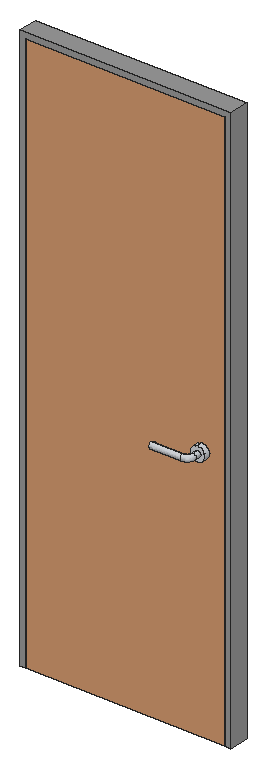
Revit family "- Enchapada Alba", category Doors, host Wall, Revit 2018
Family settings
  Host = Wall
  OmniClass Number = 23.30.10.00
  OmniClass Title = Doors
  Always vertical = Yes
  Cut with Voids When Loaded = No
  Shared = No
  Room Calculation Point = No
Parameters (values of type "- 70 x 200 cm")
  Set de Marcos = ""
  Relleno = ""
  Material Marco = - Perfil Aluminio
  Material Hoja = - Mara Clara
  Manilla = - Manilla
  Hojas = "Simple de Abatir"
  Function = Interior
  Frame Projection Ext. = 2.50 cm
  Frame Projection Int. = 2.50 cm
  Frame Width = 7.50 cm
  Height = 200.00 cm
  Wall Closure = By host
  Width = 74.00 cm
  Distancia a Cara Interior = 6.00 cm
  Bisagras = ""
  Ancho Hoja = Width - 4.00 cm  # 70.00 cm
  Ancho = Width  # 74.00 cm
  Analytic Construction = "<None>"
  Alto = Height  # 200.00 cm
Types (12, lengths in cm): name | Material Hoja | Height | Width | Ancho Hoja | Ancho | Alto
  - 70 x 200 cm | - Mara Clara | 200.00 | 74.00 | 70.00 | 74.00 | 200.00
  - 75 x 200 cm | none | 200.00 | 79.00 | 75.00 | 79.00 | 200.00
  - 80 x 200 cm | none | 200.00 | 84.00 | 80.00 | 84.00 | 200.00
  - 85 x 200 cm | none | 200.00 | 89.00 | 85.00 | 89.00 | 200.00
  - 90 x 200 cm | none | 200.00 | 94.00 | 90.00 | 94.00 | 200.00
  -100 x 200 cm | none | 200.00 | 104.00 | 100.00 | 104.00 | 200.00
  - 70 x 210 cm | none | 210.00 | 74.00 | 70.00 | 74.00 | 210.00
  - 75 x 210 cm | none | 210.00 | 79.00 | 75.00 | 79.00 | 210.00
  - 80 x 210 cm | none | 210.00 | 84.00 | 80.00 | 84.00 | 210.00
  - 85 x 210 cm | none | 210.00 | 89.00 | 85.00 | 89.00 | 210.00
  - 90 x 210 cm | - Mara Clara | 210.00 | 94.00 | 90.00 | 94.00 | 210.00
  - 100 x 210 cm | none | 210.00 | 104.00 | 100.00 | 104.00 | 210.00
Reference planes (cm)
  plane 1: y = 0
  plane 2 "Center (Left/Right)": x = 0
  plane 3 "Left": x = -37
  plane 4 "Right": x = 37
  plane 5: z = 200
  plane 6 "Exterior": y = 7.5
  plane 7 "Interior": y = -7.5
  plane 8: y = -1.5
  plane 9: z = 198
  plane 10: x = -35
  plane 11: x = 35
Forms (cm)
  Sweep 1, solid, material "- Perfil Aluminio" <- "Material Marco"
    path origin (0, 7.5, 0) x (1, 0, 0) y (0, 0, 1)
      loop
        line (37, 0) -> (37, 200) -> (-37, 200) -> (-37, 0)
    profile origin (37, 7.5, 100) x (-1, 0, 0) y (0, -1, 0)
      loop
        line (0, 2) -> (3, 2) -> (3, 4.3) -> (2, 4.3) -> (2, 9) -> (0, 9) -> (0, 2)
  Extrusion 2, solid, material "- Mara Clara" <- "Material Hoja"
    sketch origin (0, 0, 0) x (1, 0, 0) y (0, 1, 0)
      loop
        line (-35, -1.5) -> (35, -1.5) -> (35, 3) -> (-35, 3) -> (-35, -1.5)
    from 0 to 198
  Sweep 3, solid, material "- Manilla" <- "Manilla", not visible
    path origin (5.8483, -7.5601, 0) x (1, 0, 0) y (0, 1, 0)
      loop
        line (22.1517, 15.0613) -> (32.1517, 15.0613)
        arc (32.1517, 15.0613) -> (33.5659, 14.4756) -> (34.1517, 13.0613) r 2
        line (34.1517, 13.0613) -> (34.1517, 11.0613)
    profile origin (33, 7.5012, 0) x (0, 1, 0) y (0, 0, 1)
      loop
        circle (0, 90) r 1
  Extrusion 4, solid, material "- Manilla" <- "Manilla", not visible
    sketch origin (0, 7.5, 0) x (1, 0, 0) y (0, 0, 1)
      loop
        circle (40, 90) r 2.5
    from 3.9988 to 5
Lines and regions (cm)
  Opening 1
    outline origin (-305, -7.5, 0) x (1, 0, 0) y (0, 0, 1)
      loop
        line (268, 0) -> (342, 0) -> (342, 200) -> (268, 200) -> (268, 0)
  symbolic lines, style "Elevation Swing"
    curve 1: line (37, -7.5, 100) -> (-37, -7.5, 200)
    curve 2: line (37, -7.5, 100) -> (-37, -7.5, 0)
    curve 7: arc (-30.5, -71.5, 0) -> (16.4246, -49.6941, 0) -> (35.2596, -1.5001, 0) r 69.4706
  symbolic lines
    curve 3: line (-35, -1.5, 0) -> (-35, -71.5, 0)
    curve 4: line (-30.5, -1.5, 0) -> (-35, -1.5, 0)
    curve 5: line (-30.5, -71.5, 0) -> (-30.5, -1.5, 0)
    curve 6: line (-35, -71.5, 0) -> (-30.5, -71.5, 0)
  model lines
    curve 8: line (-22, -1.5, 198) -> (-22, -1.5, 0)
    curve 9: line (22, -1.5, 198) -> (22, -1.5, 0)
    curve 10: line (-22, 3, 198) -> (-22, 3, 0)
    curve 11: line (22, 3, 198) -> (22, 3, 0)
Text (cm)
  text "Exterior" at (-229.5016, 109.9543, 0), in view "Ref. Level"
  text "Exterior" at (0, 161.538, 369.8081), in view "Left"
  text "Exterior" at (0, 103.6032, 387.4932), in view "Right"
Dimensions and locks (cm)
  equal spacing: plane 3 "Left", plane 2 "Center (Left/Right)", plane 4 "Right"
  "Width": plane 3 "Left" to plane 4 "Right"
  "Height": plane 5 to host wall
  equal spacing: host wall, curve 2, plane 5
  host wall to plane 5 = 200.00 cm
  locked: plane 6 "Exterior" to host wall at 0
  locked: plane 7 "Interior" to host wall
  "Distancia a Cara Interior": plane 7 "Interior" to plane 8
  locked: Sweep 1 sketch curve to Sweep 1 sketch curve at 7
  locked: plane 9 to plane 5 at 2
  locked: curve 3 to curve 5 at 4.5
  locked: plane 3 "Left" to plane 10 at 2
  locked: plane 11 to plane 4 "Right" at 2
  "Ancho Hoja": curve 6 to curve 4
  locked: Extrusion 2 sketch curve to Extrusion 2 sketch curve at 4.5
  locked: nested 1 to plane 4 "Right" at 10
  level to nested 1 = 90.00 cm
  locked: nested 2 to plane 4 "Right" at 10
  locked: nested 2 to level at 90
  locked: Sweep 1 sketch curve to Sweep 1 sketch curve at 2.3
  locked: plane 3 "Left" to curve 8 at 15
  locked: curve 9 to Sweep 1 at 15
  locked: plane 3 "Left" to curve 10 at 15
  locked: curve 11 to plane 4 "Right" at 15
  aligned and locked: plane 3 "Left" to Opening 1 sketch curve
  aligned and locked: plane 5 to Opening 1 sketch curve  (x2)
  aligned and locked: Opening 1 sketch curve to plane 4 "Right"
  aligned and locked: Opening 1 sketch curve to level
  aligned and locked: plane 5 to curve 1
  aligned and locked: plane 3 "Left" to curve 2
  aligned and locked: plane 1 to host wall
  aligned and locked: plane 3 "Left" to curve 1
  aligned and locked: plane 8 to Sweep 1 sketch curve
  aligned and locked: Extrusion 2 sketch curve to plane 8
  aligned and locked: Sweep 1 to level
  aligned and locked: plane 10 to curve 3
  aligned and locked: Sweep 3 to Extrusion 4
  aligned and locked: Extrusion 2 to plane 9
Automatic sketch dimensions
  plane 4 "Right" to curve 2 = 0.00 cm
  curve 2 to level = 0.00 cm
  plane 3 "Left" to Sweep 1 sketch curve = 0.00 cm
  plane 4 "Right" to Sweep 1 sketch curve = 0.00 cm
  Sweep 1 sketch curve to level = 0.00 cm  (x2)
  Sweep 1 sketch curve to plane 5 = 0.00 cm
  Sweep 1 sketch curve to profile plane = 0.00 cm
  Sweep 1 sketch curve to profile plane = 2.00 cm
  Sweep 1 sketch curve to Sweep 1 sketch curve = 1.00 cm
  curve 7 to plane 8 = 0.0001 cm
  curve 7 to plane 11 = 0.2596 cm
  curve 4 to plane 8 = 0.00 cm
  curve 7 to plane 10 = 0.7919 cm
  Sweep 3 sketch curve to Sweep 3 sketch curve = 10.00 cm
  Sweep 3 sketch curve to Sweep 3 sketch curve = 2.00 cm  (x2)
  Sweep 3 sketch curve to profile plane = 0.00 cm
  profile plane to Sweep 3 sketch curve = 90.00 cm
  Extrusion 2 sketch curve to plane 10 = 0.00 cm
  Extrusion 2 sketch curve to plane 11 = 0.00 cm
  curve 8 to Extrusion 2 = 0.00 cm  (x2)
  curve 9 to Extrusion 2 = 0.00 cm  (x2)
  curve 10 to Extrusion 2 = 0.00 cm  (x2)
  curve 11 to Extrusion 2 = 0.00 cm  (x2)
  radius of Sweep 3 sketch curve = 1.00 cm
  radius of Extrusion 4 sketch curve = 2.50 cm
Nested families (cm)
  nested 1: "- Manilla Generica Puerta" at (27, 3, 90) x (0, 0, -1) z (0, 1, 0), type "- Manilla Generica Puerta"
  nested 2: "- Manilla Generica Puerta" at (27, -1.5, 90) x (0, 0, -1) z (0, -1, 0), type "- Manilla Generica Puerta"
Definition of nested family "- Manilla Generica Puerta"
  Parameters (values of type "- Manilla Generica Puerta")
    Manilla = none
    Default Elevation = 121.92 cm
  Reference planes (cm)
    plane 1 "Center (Front/Back)": y = 0
    plane 2: z = 0
    plane 3 "Center (Left/Right)": x = 0
    plane 4: z = 2
  Forms (cm)
    Extrusion 1, solid
      sketch origin (0, 0, 0) x (1, 0, 0) y (0, 1, 0)
        loop
          line (-121.92, 121.92) -> (-121.92, -121.92) -> (121.92, -121.92) -> (121.92, 121.92) -> (-121.92, 121.92)
      from 0 to -30.48
    Extrusion 2, solid, material <- "Manilla"
      sketch origin (0, 0, 0) x (1, 0, 0) y (0, 1, 0)
        loop
          circle (0, 0) r 2.5
      from 0 to 2
    Sweep 3, solid, material <- "Manilla"
      path origin (0, 0, 0) x (0, 1, 0) y (0, 0, 1)
        loop
          line (0, 2) -> (0, 4)
          arc (0, 4) -> (0.5858, 5.4142) -> (2, 6) r 2
          line (2, 6) -> (13, 6)
      profile origin (0, 0, 3) x (0, -1, 0) y (1, 0, 0)
        loop
          circle (0, 0) r 1
  Dimensions and locks (cm)
    locked: Extrusion 2 to Extrusion 2 at 2
    locked: plane 4 to level at 2
    aligned and locked: plane 2 to Extrusion 1
    aligned and locked: level to Extrusion 1
    aligned and locked: plane 4 to Sweep 3
